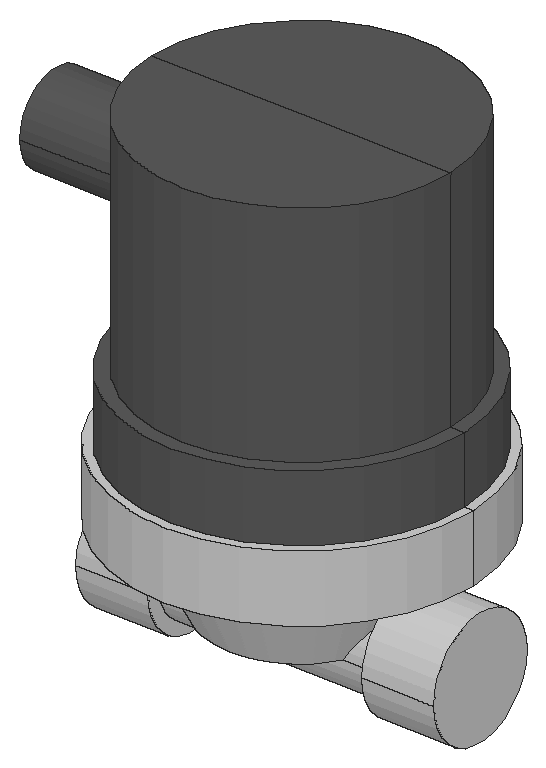
Revit family "Shinhoo_INSTANT", category Оборудование, Revit 2019
Family settings
  Размер круглого соединителя = Использовать диаметр
  Классификация = Нет
  Тип детали = Вставляется
  На основе рабочей плоскости = Нет
  Всегда вертикально = Нет
  При загрузке вырезать с полостями = Нет
  Общий = Нет
  Точка расчета площади = Нет
Parameters (values of type "INSTANT 15-1.5 II BL - 71311001")
  Тип основания = "встроенный"  # constant formula
  Тип Насоса = "Циркуляционный насос для систем ГВС с «мокрым» ротором"  # constant formula
  Степень защиты от удара (IK) = "IK04"  # constant formula
  Скорость вращения = 2850  # constant formula
  Разработчик (телефон) = "+7(495)649-85-43"  # constant formula
  Разработчик (e-mail) = "office@prorubim.com"  # constant formula
  Разработчик = "ООО ПРОРУБИМ"  # constant formula
  Переключатель УГО [instance] = no
  Класс защиты (IP) = "IP44"  # constant formula
  r6 = d6 / 2  # 13 mm
  r1_3 = r1 + (r1 / 2)  # 9.75 mm
  r1_1 = r1 + 1 mm  # 7.5 mm
  r1 = d1 / 2  # 6.5 mm
  b1_20 = B2 - (B2 / 7)  # 33 mm
  Группа модели = "INSTANT 15-1.5 II BL"
  Изготовитель = "Shinhoo"  # constant formula
  URL = "https://shinhoopump.ru/"
  L = 80 mm  # constant formula
  H1 = 13 mm  # constant formula
  H2 = 99 mm  # constant formula
  H = H2 + H1  # 112 mm
  DN = 15 mm  # constant formula
  d6 = 26 mm  # constant formula
  d1 = d6 / 2  # 13 mm
  B1 = 38.5 mm  # constant formula
  B2 = 38.5 mm  # constant formula
  B = B2 + B1  # 77 mm
  ADSK_Ток = 0.08 A  # constant formula
  ADSK_Расход жидкости = 0.000250 m³/s
  ADSK_Полная мощность = 5 VA  # constant formula
  ADSK_Позиция = ""
  ADSK_Обозначение = "ГОСТ 31839-2012, ГОСТ 12.2.007.0-75, ГОСТ 12.2.003-91, ГОСТ Р МЭК 60204-1-2007,  ГОСТ 30804"  # constant formula
  ADSK_Номинальная мощность = 5 W  # constant formula
  ADSK_Напряжение = 230 V  # constant formula
  ADSK_Наименование краткое = "INSTANT 15-1.5 II BL"
  ADSK_Наименование = "Циркуляционный насос для систем ГВС с «мокрым» ротором INSTANT 15-1.5 II BL"
  ADSK_Материал = Коррозионностойкая латунь
  ADSK_Масса_Текст = "1"
  ADSK_Масса = 1
  ADSK_Марка = ""
  ADSK_Коэффициент мощности = 1  # constant formula
  ADSK_Количество = 1  # constant formula
  ADSK_Код изделия = "71311001"
  ADSK_Завод-изготовитель = "Shinhoo"  # constant formula
  ADSK_Единица измерения = "шт"  # constant formula
  ADSK_Версия семейства = "1.0"  # constant formula
  ADSK_Версия Revit = "2019"  # constant formula
  ADSK_URL страницы изделия = "https://shinhoopump.ru/"
Reference planes
  plane 1 "Center (Front/Back)": y = 0
  plane 2: z = 0
  plane 3 "Center (Left/Right)": x = 0
  plane 4: x = -40
  plane 5: x = 40
  plane 6: through (0, 0, 1200) normal (-0.7071, 0.7071, 0)
  plane 7: y = 38.5
  plane 8: z = -13
  plane 9: z = 99
  plane 10: z = -6.5
  plane 11: through (0, 0, 1200) normal (0.7071, 0.7071, 0)
  plane 12: through (27.224, 27.224, 1200) normal (0.7071, 0.7071, 0)
  plane 13: y = -38.5
  plane 14: x = 38.5
  plane 15: x = -38.5
  plane 16: y = 38.5
  plane 17: z = 13
Forms (mm)
  Extrusion 1, solid, material "Коррозионностойкая латунь" <- "ADSK_Материал", detail levels fine
    sketch origin (-40, 716.956, 1200) x (0, 1, 0) y (0, 0, 1)
      loop
        circle (-716.956, -1200) r 13
    from 0 to 16
  Extrusion 2, solid, material "Коррозионностойкая латунь" <- "ADSK_Материал", detail levels fine
    sketch origin (40, 716.956, 1200) x (0, 1, 0) y (0, 0, 1)
      loop
        circle (-716.956, -1200) r 13
    from 0 to -16
  Extrusion 3, solid, material "Коррозионностойкая латунь" <- "ADSK_Материал", detail levels fine
    sketch origin (0, 0, 0) x (0, 1, 0) y (0, 0, 1)
      loop
        circle (0, 79) r 10
    from 0 to -55
  Extrusion 4, solid, material "Коррозионностойкая латунь" <- "ADSK_Материал", detail levels fine
    sketch origin (0, 0, 0) x (0, 1, 0) y (0, 0, 1)
      loop
        circle (0, 0) r 10
    from -30 to 30
  Blend 5, solid, material "Коррозионностойкая латунь" <- "ADSK_Материал", detail levels fine
    base sketch origin (0, 0, 0) x (1, 0, 0) y (0, 1, 0)
      loop
        circle (0, 0) r 30
    top sketch origin (0, 0, 0) x (1, 0, 0) y (0, 1, 0)
      loop
        circle (0, 0) r 20
    from 20 to 0
  Revolve 6, solid, material "Коррозионностойкая латунь" <- "ADSK_Материал", detail levels fine
    sketch origin (0, 0, 0) x (1, 0, 0) y (0, 0, 1)
      loop
        line (0, 18) -> (0, 99) -> (-33.5, 99) -> (-33.5, 48) -> (-36.5, 48) -> (-36.5, 33) -> (-38.5, 33) -> (-38.5, 18) -> (0, 18)
      axis (0, 18) -> (0, 99)
    angle from 0 to 360
Cuts and joins
  joined: Extrusion 1, Extrusion 2, Extrusion 3, Extrusion 4, Blend 5, Revolve 6
Dimensions and locks
  equal spacing: plane 4, plane 3 "Center (Left/Right)", plane 5
  "L": plane 4 to plane 5
  "B2": plane 1 "Center (Front/Back)" to plane 7
  "H1": level to plane 8
  "H2": plane 9 to level
  "r1": level to plane 10
  "B2": plane 12 to plane 11
  locked: plane 4 to Extrusion 1 at 16
  locked: Extrusion 2 to plane 5 at 16
  "B2": plane 15 to plane 3 "Center (Left/Right)" to plane 14
  "B2": plane 13 to plane 1 "Center (Front/Back)"
  "B1": plane 1 "Center (Front/Back)" to plane 16
  "H1": plane 17 to level
  plane 9 to Extrusion 3 sketch curve = 20 mm
  "d6": diameter of Extrusion 2 sketch curve
  "d6": diameter of Extrusion 1 sketch curve
  aligned and locked: level to plane 2
  aligned and locked: Blend 5 to level
  aligned and locked: plane 1 "Center (Front/Back)" to Extrusion 3 sketch curve
  aligned and locked: plane 3 "Center (Left/Right)" to nested 1
  aligned and locked: plane 1 "Center (Front/Back)" to nested 1
Automatic sketch dimensions
  Extrusion 4 sketch curve to level = 0 mm
  Extrusion 4 sketch curve to plane 1 "Center (Front/Back)" = 0 mm
  plane 1 "Center (Front/Back)" to Blend 5 sketch curve = 0 mm  (x2)
  Blend 5 sketch curve to plane 3 "Center (Left/Right)" = 0 mm  (x2)
  plane 15 to Revolve 6 sketch curve = 0 mm
  Revolve 6 sketch curve to plane 9 = 0 mm
  Revolve 6 sketch curve to plane 3 "Center (Left/Right)" = 0 mm  (x2)
  Revolve 6 sketch curve to plane 15 = 2 mm
  Revolve 6 sketch curve to plane 15 = 5 mm
  Revolve 6 sketch curve to plane 17 = 35 mm
  Revolve 6 sketch curve to Revolve 6 sketch curve = 15 mm
  Revolve 6 sketch curve to plane 17 = 5 mm
  Revolve 6 sketch curve to plane 8 = 30 mm
  Revolve 6 sketch curve to Revolve 6 sketch curve = 40 mm
  Extrusion 1 sketch curve to level = 0 mm
  Extrusion 1 sketch curve to plane 1 "Center (Front/Back)" = 0 mm
  Extrusion 2 sketch curve to level = 0 mm
  Extrusion 2 sketch curve to plane 1 "Center (Front/Back)" = 0 mm
  radius of Extrusion 4 sketch curve = 10 mm
  radius of Blend 5 sketch curve = 30 mm
  radius of Blend 5 sketch curve = 20 mm
  radius of Extrusion 3 sketch curve = 10 mm
Nested families
  nested 1: "УГО_Насос циркуляционный" at (0, 0, 0), L_УГО <- "L", Переключатель УГО <- "Переключатель УГО", type "УГО_Насос циркуляционный", detail levels coarse+medium
    with УГО yes, Переключатель УГО no, L_УГО 80 mm
Connectors
  piping at (-40, 0, 0), diameter 15, driven by "DN", driven by "ADSK_Расход жидкости"
    settings: on cut or joined group of Extrusion 1, Extrusion 2, Extrusion 3, Extrusion 4, Blend 5, Revolve 6, index 1, connector inside diameter 609.6 mm, connector length 0 mm, flow factor 0, pipe flow 0.000250 m³/s, pressure drop 0.0 Pa, fitting loss kfactor 0, connector angle 0.00°, fixture units 0, engagement length 0 mm, angle of deflection 0.00°, flow configuration 0, flow direction 1, fitting loss method 0, system type 29, joint type 0, gender type 0, connector reference index 4, connector utility 0, adjustable connector no, is connector primary yes, connector description ""
  electrical at (-55, 0, 79), driven by "ADSK_Напряжение", driven by "ADSK_Полная мощность", driven by "ADSK_Коэффициент мощности"
    settings: on cut or joined group of Extrusion 1, Extrusion 2, Extrusion 3, Extrusion 4, Blend 5, Revolve 6, index 3, voltage 230 V, apparent load 5 VA, apparent load phase1 0 VA, apparent load phase2 0 VA, apparent load phase3 0 VA, power factor 1, load classification "Other", number of poles 1, system type 30, power factor state 0, is connector primary yes, connector utility no, sub classification motor no, connector description ""
  piping at (40, 0, 0), diameter 15, driven by "DN", driven by "ADSK_Расход жидкости"
    settings: on cut or joined group of Extrusion 1, Extrusion 2, Extrusion 3, Extrusion 4, Blend 5, Revolve 6, index 4, connector inside diameter 609.6 mm, connector length 0 mm, flow factor 0, pipe flow 0.000250 m³/s, pressure drop 0.0 Pa, fitting loss kfactor 0, connector angle 0.00°, fixture units 0, engagement length 0 mm, angle of deflection 0.00°, flow configuration 0, flow direction 2, fitting loss method 0, system type 29, joint type 0, gender type 0, connector reference index 1, connector utility 0, adjustable connector no, is connector primary no, connector description ""
